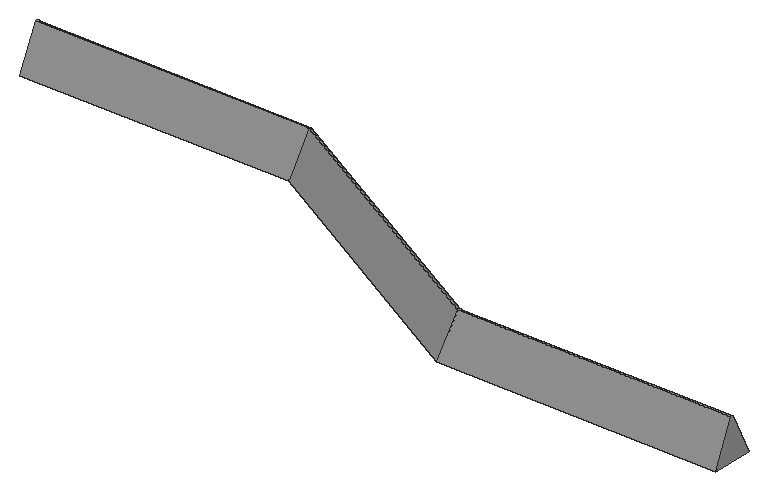
Revit family "Armeret_BetonZig-Zag_40mm_p_i_t_1131105", category Generic Models, Revit 2019
Family settings
  Can host rebar = No
  Round Connector Dimension = Use Diameter
  Part Type = Normal
  Work Plane-Based = Yes
  Always vertical = No
  Cut with Voids When Loaded = No
  Shared = No
  Room Calculation Point = No
Parameters (values of type "40 mm")
  concrete = Concrete
  Website Link = "https://haucon.dk/produkt/armeret-beton-zig-zag/#variations"
  Total Length = 800 mm
  Technical Data Sheet = "https://haucon.dk/wp-content/uploads/2016/04/1131090-Beton-zig-zag-TDS-DK.pdf"
  Default Elevation = 1219.2 mm
  Armerment width = 40 mm
  Armerment Height = Armerment width  # 40 mm
Types (13, lengths in mm): name | Armerment width | Armerment Height
  35 mm | 35 | 35
  55 mm | 55 | 55
  40 mm | 40 | 40
  45 mm | 45 | 45
  50 mm | 50 | 50
  60 mm | 60 | 60
  25 mm | 25 | 25
  30 mm | 30 | 30
  70 mm | 70 | 70
  75 mm | 75 | 75
  80 mm | 80 | 80
  90 mm | 90 | 90
  100 mm | 100 | 100
Reference planes
  plane 1 "Center (Front/Back)": y = 0
  plane 2: z = 0
  plane 3 "Center (Left/Right)": x = 0
  plane 4: y = 20
  plane 5: y = -20
  plane 6: z = 40
  plane 7: x = 266.667
  plane 8: x = 533.333
  plane 9: x = 800
Forms (mm)
  Sweep 1, solid, material "Concrete" <- "concrete"
    path origin (135, 0, 0) x (1, 0, 0) y (0, 1, 0)
      loop
        line (-135, 0) -> (132.554, 0) -> (397.446, -149.776) -> (665, -149.776)
    profile origin (133.777, 0, 0) x (0, 1, 0) y (0, 0, 1)
      loop
        line (20, 0) -> (0.856, 39.544)
        arc (0.856, 39.544) -> (0, 39.98) -> (-0.856, 39.544) r 1.059
        line (-0.856, 39.544) -> (-20, 0) -> (20, 0)
Dimensions and locks
  equal spacing: plane 4, plane 1 "Center (Front/Back)", plane 5
  "Armerment width": plane 4 to plane 5
  "Armerment Height": level to plane 6
  "Total Length": plane 3 "Center (Left/Right)" to plane 9
  equal spacing: plane 3 "Center (Left/Right)", plane 7, plane 8, plane 9
  aligned and locked: level to plane 2
  aligned and locked: level to Sweep 1 sketch curve
  aligned and locked: plane 3 "Center (Left/Right)" to Sweep 1
  aligned and locked: plane 9 to Sweep 1 sketch curve
Automatic sketch dimensions
  plane 1 "Center (Front/Back)" to Sweep 1 sketch curve = 0 mm
  Sweep 1 sketch curve to plane 3 "Center (Left/Right)" = 0 mm
  Sweep 1 sketch curve to plane 7 = 0.887 mm
  plane 8 to Sweep 1 sketch curve = 0.887 mm
  plane 1 "Center (Front/Back)" to Sweep 1 sketch curve = 149.776 mm
  Sweep 1 sketch curve to plane 5 = 0 mm
  Sweep 1 sketch curve to profile plane = 0 mm
  Sweep 1 sketch curve to plane 4 = 0 mm
  plane 6 to Sweep 1 sketch curve = 0.456 mm  (x2)
  profile plane to Sweep 1 sketch curve = 0.856 mm
  Sweep 1 sketch curve to Sweep 1 sketch curve = 0.623 mm
